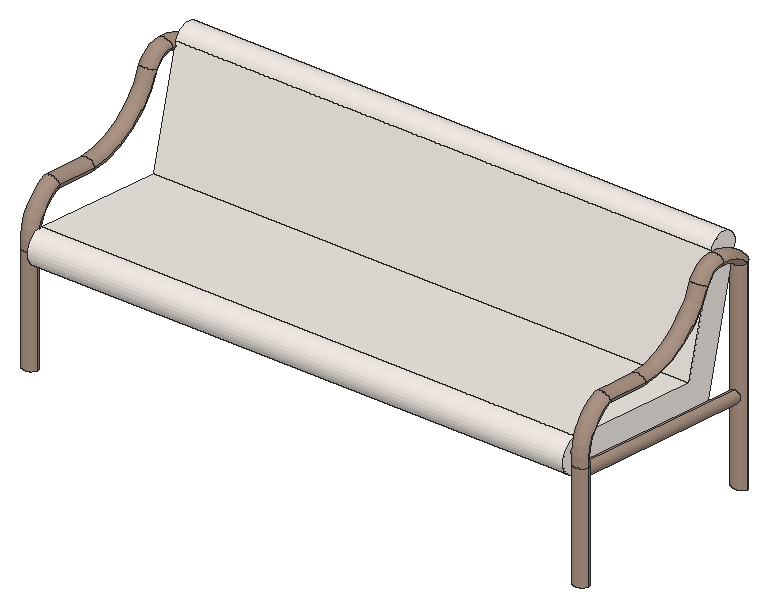
Revit family
Parameters (values of type "1800 x 627 mm")
  Sofa Material = Sofa Material
  Sofa Length = 1800 mm
  Sofa Leg Material = Teakwood
Reference planes
  plane 1 "Center (Front/Back)": y = 0
  plane 2: z = 0
  plane 3 "Center (Left/Right)": x = 0.902
  plane 4: x = -899.098
  plane 5: x = 900.902
Forms (mm)
  Sweep 1, solid, material "Sofa Material" <- "Sofa Material"
    path origin (0, -1263.577, 0) x (1, 0, 0) y (0, 1, 0)
      loop
        line (-899.098, 147.362) -> (900.902, 147.362)
    profile origin (0.902, 0, 0) x (0, 1, 0) y (0, 0, 1)
      loop
        arc (346.864, 712.239) -> (311.422, 773.154) -> (250.271, 738.121) r 50.001
        line (250.271, 738.121) -> (154.482, 380.631) -> (-316.874, 426.658)
        arc (-316.874, 426.658) -> (-375.846, 376.612) -> (-326.46, 317.086) r 54.999
        line (-326.46, 317.086) -> (226.513, 263.084) -> (346.864, 712.239)
  Sweep 2, solid, material "Teakwood" <- "Sofa Leg Material"
    path origin (-899.098, -1270, 0) x (0, 1, 0) y (0, 0, 1)
      loop
        line (1603.439, 0.01) -> (1603.439, 684.25)
        arc (1603.439, 684.25) -> (1557.725, 715.23) -> (1503.588, 726.122) r 139.992
        arc (1503.588, 726.122) -> (1464.463, 715.448) -> (1436.834, 685.761) r 74.024
        arc (1436.834, 685.761) -> (1333.992, 555.958) -> (1175.652, 507.441) r 278.643
        line (1175.652, 507.441) -> (1029.083, 520.056)
        arc (1029.083, 520.056) -> (957.281, 454.992) -> (938.167, 360) r 154.946
        line (938.167, 360) -> (938.167, 0)
    profile origin (0, 0, 342.13) x (0, -1, 0) y (1, 0, 0)
      loop
        arc (-332.875, -899.098) -> (-354.439, -926.932) -> (-332.875, -954.766) r 28.746
        arc (-332.875, -954.766) -> (-311.311, -926.932) -> (-332.875, -899.098) r 28.746
  Sweep 3, solid, material "Teakwood" <- "Sofa Leg Material"
    path origin (-899.098, 0, 0) x (0, 1, 0) y (0, 0, 1)
      loop
        line (-312.406, 360.132) -> (313.691, 302.05)
    profile origin (0, -29.815, 2.766) x (0, 0.092371, 0.995725) y (1, 0, 0)
      loop
        circle (329.735, -927.189) r 20
  Sweep 4, solid, material "Teakwood" <- "Sofa Leg Material"
    path origin (900.902, 0, 0) x (0, 1, 0) y (0, 0, 1)
      loop
        line (-331.269, 0) -> (-331.269, 360.034)
        arc (-331.269, 360.034) -> (-312.273, 454.636) -> (-240.821, 519.482) r 154.382
        line (-240.821, 519.482) -> (-94.374, 506.877)
        arc (-94.374, 506.877) -> (64.288, 555.477) -> (167.35, 685.53) r 279.207
        arc (167.35, 685.53) -> (194.769, 714.973) -> (233.584, 725.558) r 73.46
        arc (233.584, 725.558) -> (287.399, 714.755) -> (332.875, 684.019) r 139.429
        line (332.875, 684.019) -> (332.875, 0.01)
    profile origin (0, 0, 180.017) x (0, -1, 0) y (1, 0, 0)
      loop
        arc (333.194, 955.902) -> (313.518, 927.251) -> (333.194, 898.601) r 30.697
        arc (333.194, 898.601) -> (352.869, 927.251) -> (333.194, 955.902) r 30.697
  Sweep 5, solid, material "Teakwood" <- "Sofa Leg Material"
    path origin (900.902, 0, 0) x (0, 1, 0) y (0, 0, 1)
      loop
        line (313.691, 302.05) -> (-319.303, 360.772)
    profile origin (0, -33.264, 3.086) x (0, -0.092371, -0.995725) y (1, 0, 0)
      loop
        circle (-307.972, 928.402) r 20
Lines and regions (mm)
  symbolic lines
    curve 1: line (-954.766, 344.522, 0) -> (-954.766, -331.269, 0)
    curve 2: line (900.902, 346.864, 0) -> (-899.098, 346.864, 0)
    curve 3: line (955.902, -333.194, 0) -> (955.902, 346.864, 0)
    curve 4: arc (-954.766, 344.522, 0) -> (-925.448, 366.121, 0) -> (-896.13, 344.522, 0) r 30.697
    curve 5: arc (900.902, 346.864, 0) -> (928.402, 364.316, 0) -> (955.902, 346.864, 0) r 30.393
    curve 6: line (-896.13, 344.522, 0) -> (-896.13, -377.125, 0)
    curve 7: arc (-954.766, -331.269, 0) -> (-925.448, -352.869, 0) -> (-896.13, -331.269, 0) r 30.697
    curve 8: line (897.933, 344.522, 0) -> (897.933, -377.125, 0)
    curve 9: arc (955.902, -333.194, 0) -> (926.233, -352.852, 0) -> (897.933, -331.269, 0) r 30.697
    curve 10: line (-896.13, -377.125, 0) -> (897.933, -377.125, 0)
Dimensions and locks
  "Sofa Length": plane 4 to plane 5
  equal spacing: plane 4, plane 3 "Center (Left/Right)", plane 5
  Sweep 1 to curve 10 = 627.396 mm
  Sweep 1 to level = 426.658 mm
  Sweep 1 to level = 738.121 mm
  aligned and locked: curve 2 to Sweep 1
  aligned and locked: curve 1 to curve 7
  aligned and locked: Sweep 4 sketch curve to Sweep 2  (x7)
  aligned and locked: Sweep 4 sketch curve to curve 9
  aligned and locked: Sweep 3 to Sweep 5 sketch curve
  aligned and locked: Sweep 4 to Sweep 5 sketch curve
Automatic sketch dimensions
  Sweep 1 sketch curve to plane 4 = 0 mm
  Sweep 1 sketch curve to plane 5 = 0 mm
  plane 1 "Center (Front/Back)" to Sweep 1 sketch curve = 1116.216 mm
  profile plane to Sweep 2 sketch curve = 6.618 mm
  Sweep 2 sketch curve to profile plane = 0.564 mm  (x2)
  Sweep 2 sketch curve to profile plane = 7.746 mm
  Sweep 2 sketch curve to plane 4 = 55.668 mm
  Sweep 2 sketch curve to Sweep 2 sketch curve = 27.834 mm
  curve 2 to plane 4 = 0 mm
  curve 10 to plane 5 = 2.968 mm
  curve 5 to plane 5 = 0 mm
  curve 7 to plane 4 = 26.35 mm
  curve 4 to plane 4 = 26.35 mm
  plane 4 to curve 6 = 2.968 mm
  plane 5 to curve 9 = 26.35 mm
  curve 5 to curve 5 = 27.5 mm
  curve 6 to curve 2 = 2.342 mm
  curve 8 to curve 5 = 2.342 mm
  curve 4 to curve 2 = 11.44 mm
  curve 5 to curve 5 = 12.941 mm
  curve 7 to curve 7 = 9.098 mm
  curve 9 to curve 9 = 9.098 mm
  curve 8 to curve 9 = 45.856 mm
  curve 10 to curve 7 = 45.856 mm
  curve 5 to curve 3 = 27.5 mm
  curve 4 to curve 4 = 29.318 mm
  level to Sweep 1 sketch curve = 317.086 mm
  Sweep 1 sketch curve to profile plane = 789.756 mm
  Sweep 1 sketch curve to Sweep 1 sketch curve = 5.403 mm
  level to Sweep 1 sketch curve = 426.658 mm
  Sweep 1 sketch curve to Sweep 1 sketch curve = 4.183 mm
  level to Sweep 1 sketch curve = 380.631 mm
  Sweep 1 sketch curve to Sweep 1 sketch curve = 471.355 mm
  level to Sweep 1 sketch curve = 263.084 mm
  Sweep 1 sketch curve to Sweep 1 sketch curve = 72.031 mm
  Sweep 1 sketch curve to Sweep 1 sketch curve = 95.789 mm
  Sweep 1 sketch curve to Sweep 1 sketch curve = 48.209 mm
  Sweep 1 sketch curve to Sweep 1 sketch curve = 48.383 mm
  Sweep 1 sketch curve to Sweep 1 sketch curve = 331.608 mm
  Sweep 1 sketch curve to Sweep 1 sketch curve = 12.617 mm
  Sweep 3 sketch curve to profile plane = 0 mm
  Sweep 3 sketch curve to plane 4 = 28.091 mm
  Sweep 2 sketch curve to level = 0 mm
  plane 1 "Center (Front/Back)" to Sweep 2 sketch curve = 331.833 mm
  Sweep 2 sketch curve to Sweep 2 sketch curve = 90.916 mm
  Sweep 2 sketch curve to Sweep 2 sketch curve = 153.842 mm
  plane 1 "Center (Front/Back)" to Sweep 2 sketch curve = 94.348 mm
  plane 1 "Center (Front/Back)" to Sweep 2 sketch curve = 93.123 mm
  Sweep 2 sketch curve to plane 1 "Center (Front/Back)" = 166.834 mm
  Sweep 2 sketch curve to Sweep 2 sketch curve = 65.929 mm
  Sweep 2 sketch curve to Sweep 2 sketch curve = 0.824 mm
  Sweep 2 sketch curve to Sweep 2 sketch curve = 100.675 mm
  level to Sweep 2 sketch curve = 0.01 mm
  level to Sweep 2 sketch curve = 360 mm
  Sweep 2 sketch curve to Sweep 2 sketch curve = 18.464 mm
  Sweep 2 sketch curve to Sweep 2 sketch curve = 12.615 mm
  Sweep 2 sketch curve to Sweep 2 sketch curve = 78.688 mm
  Sweep 2 sketch curve to Sweep 2 sketch curve = 65.973 mm
  Sweep 2 sketch curve to Sweep 2 sketch curve = 32.147 mm
  plane 1 "Center (Front/Back)" to Sweep 3 sketch curve = 312.406 mm
  Sweep 3 sketch curve to plane 1 "Center (Front/Back)" = 313.691 mm
  level to Sweep 3 sketch curve = 302.05 mm
  level to Sweep 3 sketch curve = 360.132 mm
  Sweep 4 sketch curve to level = 0 mm
  level to Sweep 4 sketch curve = 0.01 mm
  Sweep 4 sketch curve to plane 5 = 2.3 mm
  Sweep 4 sketch curve to Sweep 4 sketch curve = 11.022 mm
  Sweep 4 sketch curve to profile plane = 12.947 mm
  plane 1 "Center (Front/Back)" to Sweep 5 sketch curve = 319.303 mm
  level to Sweep 5 sketch curve = 302.05 mm
  Sweep 5 sketch curve to profile plane = 21.763 mm
  plane 5 to Sweep 5 sketch curve = 27.5 mm
  radius of Sweep 3 sketch curve = 20 mm
  radius of Sweep 5 sketch curve = 20 mm
